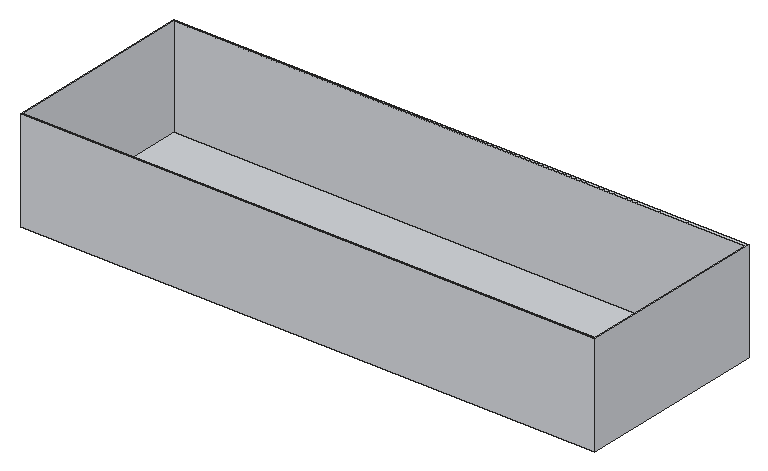
Revit family "Hager-Panelboards-Surface_mounted-IP2XC-Without_Cover-With_DIN-Hosted-GB-en", category Electrical Equipment, host Face, Revit 2023
Family settings
  Host = Face
  Panel Configuration = Two Columns, Circuits Across
  Round Connector Dimension = Use Diameter
  Part Type = Panelboard
  Cut with Voids When Loaded = No
  Maintain Annotation Orientation = Yes
  Shared = No
  Room Calculation Point = No
Parameters (values of type "Panelboards-Surface_mounted_W900_H300_D158_0_Modular_Spacing-JF805E")
  Width Control [instance] = if([HG000006-Flush mounted], if([EF000846 - Recess width] > min_whd, [EF000846 - Recess width], min_whd), if([EF000008 - Width] > min_whd, ([EF000008 - Width]), min_whd))  # 900 mm
  Void Depth [instance] = if([HG000006-Flush mounted], Depth Control, 1 mm)  # 1 mm
  Uniformat code = "D501001"
  Uniformat = "Low Tension Service & Dist."
  HG000131 - Functional label [instance] = ""
  HG000130 - Functional name [instance] = ""
  HG000099-Onfly Template ID = "507532"
  Type Comments = ""
  System Height [instance] = Height Control - 2 * [HG000005-Thickness]  # 446 mm
  Reference description = ""
  Reference = "Panelboards-Surface_mounted_W900_H300_D158_0_Modular_Spacing-JF805E"
  Object type = ""
  Name hager = "ADD_Enclosures_EC000214"
  Name BIM&CO = "Electricity"
  Name = "Panelboards-Surface_mounted-IP2XC-Without_Cover-With_DIN-GB"
  Model = ""
  HGEF002950-Width in number of modular spacings = 0
  HGEF000266-Number of rows = 0
  HG000060-RAL-number = "7035"
  HG000059-Operating voltage [instance] = 230 V
  HG000017-Distance between poles = 18 mm
  HG000016-Door 3D visibility = yes
  HG000015-Clearance visibility = yes
  HG000014-Door on the right = yes
  HG000013-Door on the left = not([HG000014-Door on the right])  # no
  HG000012-Door swing angle = 90.00°
  HG000011-Empty rows from bottom = no
  HG000010-Asymmetric doors = no
  HG000009-Double swing door = no
  HG000008-Number of empty rows = 0
  HG000007-Number of empty columns = 0
  HG000006-Flush mounted = no
  HG000005-Thickness = 2 mm
  HG000004-Manufacturer reference = "JF805E"
  HG000003-Range = "Panelboards"
  HG000002-With door or cover = no
  HG000001-Number of columns = 0
  GTIN (Global Trade Item Number) = ""
  ETIM class name = "Small distribution board"
  ETIM class code = "EC000214"
  EF015941 - Signal passing door = no
  EF015777 - Neutral terminal block = yes
  EF015776 - Earthing terminal block = yes
  EF009212 - Cover model = ""
  EF006306 - With lock = yes
  EF006244 - Transparent cover/door = no
  EF005474 - Degree of protection (IP rating) = "IP2XC"
  EF004464 - Type of door = ""
  EF004462 - Type of closure = ""
  EF002950 - Width in number of modular spacings = 0
  EF001596 - Housing material = ""
  EF001134 - With DIN-rail = yes
  EF001131 - Internal depth = 0 mm
  EF001088 - Extension possible = yes
  EF001062 - EMC-version = no
  EF000846 - Recess width = 0 mm
  EF000339 - Type of covering = ""
  EF000332 - Recess height = 0 mm
  EF000266 - Number of rows = 0
  EF000218 - Recess depth = 0 mm
  EF000118 - With mounting plate = no
  EF000116 - RAL number = 7035
  EF000049 - Depth = 158 mm
  EF000040 - Height = 300 mm
  EF000024 - UV resistant = no
  EF000008 - Width = 900 mm
  EF000007 - Colour = ""
  EF000003 - Mounting method = "Surface mounted"
  Creation Date = "12/17/2025 20:23:32"
  Code hager = "ADD-EC000214_EU"
  BIM&CO code = ""
  BC_VARIANT_ID = "1179122"
  BC_OBJECT_VERSION = "#1"  # constant formula
  BC_OBJECT_ID = "513918"  # constant formula
  BC_MODEL_ID = "1554433"  # constant formula
  Arrow Offset [instance] = Depth Control / 8  # 18.75 mm
  Arrow Height [instance] = Depth Control - Arrow Offset  # 131.25 mm
  Host Offset [instance] = if([HG000006-Flush mounted], 0 mm, [EF000049 - Depth])  # 158 mm
  min_whd [instance] = (2 * [HG000005-Thickness]) + 1 mm  # 5 mm
  Manufacturer = "Hager"  # constant formula
  Height Control [instance] = if([HG000006-Flush mounted], if([EF000332 - Recess height] > min_whd, [EF000332 - Recess height], min_whd), if([EF000040 - Height] > min_whd, ([EF000040 - Height]), min_whd))  # 300 mm
  Flush Mounted - Door Frame Width [instance] = if(([EF000040 - Height] - [EF000332 - Recess height]) > 0 mm, if([HG000006-Flush mounted], [EF000040 - Height] - [EF000332 - Recess height], 0 mm), 0 mm)  # 0 mm
  Depth Control [instance] = if([HG000006-Flush mounted], if([EF000218 - Recess depth] > 0 mm, [EF000218 - Recess depth], 1 mm), if([EF000049 - Depth] > 0 mm, ([EF000049 - Depth]), 1 mm))  # 158 mm
  Default Elevation = 0 mm
Types (2, lengths in mm): name | Reference | HG000004-Manufacturer reference | EF015777 - Neutral terminal block | EF006306 - With lock | EF001088 - Extension possible | EF000040 - Height | BC_VARIANT_ID | Height Control
  Panelboards-Surface_mounted_W900_H300_D158_0_Modular_Spacing-JF805E | "Panelboards-Surface_mounted_W900_H300_D158_0_Modular_Spacing-JF805E" | "JF805E" | yes | yes | yes | 300 | "1179122" | 300
  Panelboards-Surface_mounted_W900_H450_D158_0_Modular_Spacing-JF806E | "Panelboards-Surface_mounted_W900_H450_D158_0_Modular_Spacing-JF806E" | "JF806E" | no | no | no | 450 | "1179123" | 450
Reference planes
  plane 1 "Center (Front/Back)": y = 0
  plane 2: z = 0
  plane 3 "Center (Left/Right)": x = 0
  plane 4: z = 158
  plane 5: y = 2
  plane 6: z = 153
  plane 7: y = 150
  plane 8: y = 0
  plane 9: y = 300
  plane 10: z = 0
  plane 11: x = -450
  plane 12: x = 450
  plane 13: x = 448
  plane 14: x = -448
  plane 15: y = 298
  plane 16: z = 2
  plane 17: z = 156
  plane 18: z = -1
  plane 19: z = 156
  plane 20 "Annotation H": y = -100
  plane 21 "Annotation V": x = 750
Forms (mm)
  Extrusion 1, solid
    sketch origin (-583.045, 0, 1219.2) x (-1, 0, 0) y (0, 0, 1)
      loop
        line (-133.045, -1061.2) -> (-1033.045, -1061.2) -> (-1033.045, -1219.2) -> (-133.045, -1219.2) -> (-133.045, -1061.2)
    from 0 to 300 <- "Height Control"
  Extrusion 2, void
    sketch origin (-381.607, -4572, 158) x (0, -1, 0) y (-1, 0, 0)
      loop
        line (-4870, 66.393) -> (-4870, -829.607) -> (-4574, -829.607) -> (-4574, 66.393) -> (-4870, 66.393)
    from 0 to 156
  Extrusion 3, void
    sketch origin (0, 0, 0) x (1, 0, 0) y (0, 1, 0)
      loop
        line (-450, 0) -> (450, 0) -> (450, 300) -> (-450, 300) -> (-450, 0)
    from -1 to 1
  Extrusion 4, solid, detail levels coarse+medium
    sketch origin (-381.607, -4572, 158) x (-1, 0, 0) y (0, -1, 0)
      loop
        line (66.393, -4870) -> (66.393, -4574) -> (-829.607, -4574) -> (-829.607, -4870) -> (66.393, -4870)
    from 0 to -2
Cuts and joins
  Extrusion 2 cuts Extrusion 1
Dimensions and locks
  plane 4 to plane 6 = 5 mm
  "Host Offset": plane 4 to host face
  "Flush Mounted - Door Frame Width": plane 1 "Center (Front/Back)" to plane 8
  "HG000005-Thickness": plane 5 to plane 8
  locked: connector elem to plane 3 "Center (Left/Right)"
  "Height Control": plane 9 to plane 8
  equal spacing: plane 9, plane 7, plane 8
  locked: connector elem to plane 7
  "Depth Control": plane 4 to plane 10
  "HG000005-Thickness": plane 11 to plane 14
  "HG000005-Thickness": plane 12 to plane 13
  equal spacing: plane 11, plane 3 "Center (Left/Right)", plane 12
  "Width Control": plane 11 to plane 12
  "Arrow Offset": nested 4 to plane 10
  "HG000005-Thickness": plane 9 to plane 15
  "HG000005-Thickness": plane 16 to plane 10
  "HG000005-Thickness": plane 4 to plane 17
  "Void Depth": plane 2 to plane 18
  "HG000005-Thickness": plane 4 to plane 19
  locked: plane 20 "Annotation H" to plane 1 "Center (Front/Back)" at 100
  locked: plane 12 to plane 21 "Annotation V" at 300
  aligned and locked: plane 2 to host face
  aligned and locked: level to host face
  aligned and locked: plane 3 "Center (Left/Right)" to nested 2
  aligned and locked: nested 2 to plane 4
  aligned and locked: nested 2 to plane 8
  aligned and locked: nested 1 to plane 6
  aligned and locked: nested 1 to plane 5
  aligned and locked: nested 4 to plane 11
  aligned and locked: nested 3 to plane 4
  aligned and locked: Extrusion 1 sketch curve to plane 12
  aligned and locked: Extrusion 1 sketch curve to plane 11
  aligned and locked: nested 3 to plane 10
  aligned and locked: plane 10 to Extrusion 1 sketch curve
  aligned and locked: Extrusion 2 sketch curve to plane 5
  aligned and locked: Extrusion 2 sketch curve to plane 15
  aligned and locked: Extrusion 2 sketch curve to plane 14
  aligned and locked: Extrusion 2 sketch curve to plane 13
  aligned and locked: plane 11 to Extrusion 3 sketch curve
  aligned and locked: plane 9 to Extrusion 3 sketch curve
  aligned and locked: Extrusion 3 sketch curve to plane 8
  aligned and locked: plane 12 to Extrusion 3 sketch curve
  aligned and locked: nested 3 to plane 12
  aligned and locked: Extrusion 3 to plane 18
  aligned and locked: Extrusion 2 to plane 16
  aligned and locked: Extrusion 1 sketch curve to plane 4
  aligned and locked: Extrusion 4 to plane 17
  aligned and locked: Extrusion 4 sketch curve to plane 15
  aligned and locked: Extrusion 4 sketch curve to plane 13
  aligned and locked: Extrusion 4 sketch curve to plane 14
  aligned and locked: Extrusion 4 sketch curve to plane 5
  aligned and locked: nested 5 to plane 21 "Annotation V"
  aligned and locked: plane 20 "Annotation H" to nested 5
Automatic sketch dimensions
  host sketch curve to host sketch curve = 1469.727 mm
  host sketch curve to host sketch curve = 1434.803 mm
Nested families
  nested 1: "Hager_Enclosure_System" at (0, 2, 153) x (1, 0, 0) z (0, 1, 0), Depth <- "HG000005-Thickness", Height <- "System Height", Border <- "HG000005-Thickness", Flush_Mounted <- "HG000006-Flush mounted", Row_Module_Multiplicator <- "HGEF002950-Width in number of modular spacings", Total_No_Empty_Rows <- "HG000008-Number of empty rows", Total_No_Rows <- "HGEF000266-Number of rows", Empty_Columns <- "HG000007-Number of empty columns", Width_Control <- "Width Control", Empty_Rows_From_Bottom <- "HG000011-Empty rows from bottom", Distance_Between_Poles <- "HG000017-Distance between poles", Rows_Count <- "HGEF000266-Number of rows", Columns_Count <- "HG000001-Number of columns", Built-in_Width <- "EF000846 - Recess width", Width <- "EF000008 - Width", type "Hager_Enclosure_System", detail levels fine
    with Width_Control 900 mm, Width 900 mm, Total_No_Rows 0, Total_No_Empty_Rows 0, Total_No_Columns 1, System_Width 896 mm, Rows_Count 0, Rows_Column 0, Row_Module_Multiplicator 0, Panel_4 no, Panel_3 no, Panel_2 no, Panel_1 no, No_Panels_Ctrl 1, Hide_Columns yes, Height 446 mm, Flush_Mounted no, Empty_Rows_From_Bottom no, Empty_Rows_Column 0, Empty_Columns 0, Empty column 4 0, Empty column 3 0, Empty column 2 0, Empty column 1 0, Distance_Between_Poles 18 mm, Depth 2 mm, Columns_Count 0, Column_Width 896 mm, Built-in_Width 0 mm, Border 2 mm
  nested 2: "Hager_Enclosure_Door" at (0, 0, 158) x (1, 0, 0) z (0, 1, 0), Border <- "HG000005-Thickness", Door_Right <- "HG000014-Door on the right", Flush_Mounted <- "HG000006-Flush mounted", Door_Left <- "HG000013-Door on the left", 3d_Door <- "HG000016-Door 3D visibility", Angle <- "HG000012-Door swing angle", Assymetrical <- "HG000010-Asymmetric doors", Double <- "HG000009-Double swing door", Clearance <- "HG000015-Clearance visibility", Door <- "HG000002-With door or cover", Height_Ctrl <- "Height Control", Width_Ctrl <- "Width Control", BuiltIn_Depth <- "EF000218 - Recess depth", Depth <- "EF000049 - Depth", BuiltIn_Width <- "EF000846 - Recess width", Height <- "EF000040 - Height", BuiltIn_Height <- "EF000332 - Recess height", Width <- "EF000008 - Width", Transparent <- "EF006244 - Transparent cover/door", type "Hager_Enclosure_Door", detail levels medium+fine
    with min_wh 5 mm, Width_Ctrl 900 mm, Width 900 mm, Transparent_Door_No_Bottom_Border no, Transparent no, Leaf_Width 893 mm, Leaf_Tolerance 1.5 mm, Leaf_Height 293 mm, Leaf_2_Width 893 mm, Leaf_2_Offset 446.5 mm, Leaf_1_Width 893 mm, Leaf_1_Offset 446.5 mm, Height_Ctrl 300 mm, Height 300 mm, Frame_Width_Ctrl 900 mm, Frame_Width 900 mm, Frame_Internal_Offset 0 mm, Frame_Height_Ctrl 300 mm, Frame_Height 300 mm, Frame_Depth_Ctrl 1 mm, Frame_Depth 0 mm, Flush_Mounted no, Double_Clearance_Ctrl no, Double no, Door_Right_Ctrl no, Door_Right yes, Door_Left_Ctrl no, Door_Left no, Door no, Depth 158 mm, Clearance_Depth 893 mm, Clearance_Ctrl yes, Clearance yes, BuiltIn_Width 0 mm, BuiltIn_Height 0 mm, BuiltIn_Depth 0 mm, Border 2 mm, Assymetrical no, Angle 90.00°, 3d_Door yes
  nested 3: "Hager_Enclosure_Symbol_Triangle" at (-450, 0, 0) x (1, 0, 0) z (0, -1, 0), Depth <- "Depth Control", Width <- "Width Control", type "Hager_Enclosure_Symbol_Triangle"
    with Width_Ctrl 900 mm, Width 900 mm, Depth_Ctrl 158 mm, Depth 158 mm
  nested 4: "Hager_Enclosure_Symbol_Arrow" at (-450, 0, 18.75) x (1, 0, 0) z (0, -1, 0), Height <- "Arrow Height", type "Hager_Enclosure_Symbol_Arrow"
    with Width_Inside 9.844 mm, Width 118.125 mm, Height_Ctrl 131.25 mm, Height 131.25 mm
  nested 5: "Hager_Annotation-HG000130" at (750, -100, 0) x (-1, 0, 0) z (0, 0, 1), HG000130 - Functional name <- "HG000130 - Functional name", type "Hager_Annotation-HG000130"
    with HG000130 - Functional name ""
Connectors
  electrical at (0, 150, 0)
    settings: on plane 10, index 1, voltage 0 V, apparent load 0 VA, apparent load phase1 0 VA, apparent load phase2 0 VA, apparent load phase3 0 VA, power factor 1, load classification "Other", number of poles 1, system type 30, power factor state 1, is connector primary yes, connector utility no, sub classification motor no, connector description ""
Definition of nested family "Hager_Enclosure_Door"
  Parameters (values of type "Hager_Enclosure_Door")
    min_wh [instance] = (2 * Border) + 1 mm  # 11 mm
    Width_Ctrl [instance] = 400 mm
    Width [instance] = 500 mm
    Transparent_Door_No_Bottom_Border [instance] = no
    Transparent [instance] = yes
    Leaf_Width [instance] = if((Width_Ctrl - 2 * Border - 2 * Leaf_Tolerance) > 0 mm, (Width_Ctrl - 2 * Border - 2 * Leaf_Tolerance), min_wh)  # 387 mm
    Leaf_Tolerance [instance] = 1.5 mm  # constant formula
    Leaf_Height [instance] = if((Height_Ctrl - 2 * Border - 2 * Leaf_Tolerance) > 0 mm, (Height_Ctrl - 2 * Border - 2 * Leaf_Tolerance), min_wh)  # 387 mm
    Leaf_2_Width [instance] = if(and(and(Double, Assymetrical), Door_Left), (Leaf_Width / 3) - (Leaf_Tolerance / 2), if(and(and(Double, Assymetrical), Door_Right), (Leaf_Width / 3) * 2 - (Leaf_Tolerance / 2), if(and(Double, not(Assymetrical)), (Leaf_Width / 2) - Leaf_Tolerance, Leaf_Width)))  # 387 mm
    Leaf_2_Offset [instance] = if(and(Double, Assymetrical), Leaf_2_Width / 2, if(and(Double, not(Assymetrical)), Leaf_Width / 4, Leaf_Width / 2))  # 193.5 mm
    Leaf_1_Width [instance] = if(and(and(Double, Assymetrical), Door_Right), (Leaf_Width / 3) - (Leaf_Tolerance / 2), if(and(and(Double, Assymetrical), Door_Left), (Width / 3) * 2 - (Leaf_Tolerance / 2), if(and(Double, not(Assymetrical)), (Leaf_Width / 2) - Leaf_Tolerance, Leaf_Width)))  # 387 mm
    Leaf_1_Offset [instance] = if(and(Double, Assymetrical), Leaf_1_Width / 2, if(and(Double, not(Assymetrical)), Leaf_Width / 4, Leaf_Width / 2))  # 193.5 mm
    Height_Ctrl [instance] = 400 mm
    Height [instance] = 500 mm
    Frame_Width_Ctrl [instance] = if(Frame_Width > 0 mm, Frame_Width, 1 mm)  # 1 mm
    Frame_Width [instance] = Width - BuiltIn_Width  # 0 mm
    Frame_Internal_Offset [instance] = if(Flush_Mounted, Border, 0 mm)  # 5 mm
    Frame_Height_Ctrl [instance] = if(Frame_Height > 0 mm, Frame_Height, 1 mm)  # 1 mm
    Frame_Height [instance] = Height - BuiltIn_Height  # 0 mm
    Frame_Depth_Ctrl [instance] = if(Frame_Depth > 0 mm, Frame_Depth, 1 mm)  # 1 mm
    Frame_Depth [instance] = if(Depth - BuiltIn_Depth > 0 mm, if(Flush_Mounted, Depth - BuiltIn_Depth, 0 mm), 0 mm)  # 0 mm
    Flush_Mounted [instance] = yes
    Double_Clearance_Ctrl [instance] = and(Double, Clearance)  # no
    Double [instance] = no
    Door_Right_Ctrl [instance] = and(or(Door_Right, Double), Door)  # yes
    Door_Right [instance] = yes
    Door_Left_Ctrl [instance] = and(or(Door_Left, Double), Door)  # no
    Door_Left [instance] = no
    Door [instance] = yes
    Depth [instance] = 500 mm
    Default Elevation = 1219.2 mm
    Clearance_Material = none
    Clearance_Depth [instance] = if(Leaf_1_Width > Leaf_2_Width, Leaf_1_Width, Leaf_2_Width)  # 387 mm
    Clearance_Ctrl [instance] = and(not(Double), Clearance)  # yes
    Clearance [instance] = yes
    BuiltIn_Width [instance] = 500 mm
    BuiltIn_Height [instance] = 500 mm
    BuiltIn_Depth [instance] = 500 mm
    Border [instance] = 5 mm
    Assymetrical [instance] = yes
    Angle [instance] = 30.00°
    3d_Door [instance] = yes
  Reference planes
    plane 1 "Center (Front/Back)": y = 0
    plane 2 "Bottom": z = 0
    plane 3 "Center (Left/Right)": x = 0
    plane 4: z = 400
    plane 5: x = -200
    plane 6: x = 200
    plane 7: z = 395
    plane 8: x = -195
    plane 9: z = 5
    plane 10: x = 195
    plane 11: y = 0
    plane 12: z = 6.5
    plane 13: x = -582
    plane 14: y = -387
    plane 15: x = 582
    plane 16: x = 0
    plane 17: x = 0
    plane 18: x = -193.5
    plane 19: x = 193.5
    plane 20: z = 393.5
  Forms (mm)
    Extrusion 1, solid, visible <- "Flush_Mounted"
      sketch origin (0, 0, 0) x (1, 0, 0) y (0, 0, 1)
        loop
          line (195, 5) -> (195, 395) -> (-195, 395) -> (-195, 5) -> (195, 5)
        loop
          line (-201, 401) -> (-201, -1) -> (201, -1) -> (201, 401) -> (-201, 401)
      from 0 to 1 <- "Frame_Depth_Ctrl"
    Extrusion 2, solid, material <- "Clearance_Material", visible <- "Double_Clearance_Ctrl"
      sketch origin (1200, 0, 0) x (1, 0, 0) y (0, 0, -1)
        loop
          line (-1782, -393.5) -> (-618, -393.5) -> (-618, 0) -> (-1782, 0) -> (-1782, -393.5)
      from 0 to -387
  Dimensions and locks
    equal spacing: plane 5, plane 3 "Center (Left/Right)", plane 6
    "Width_Ctrl": plane 5 to plane 6
    "Border": plane 5 to plane 8
    "Border": plane 6 to plane 10
    "Border": plane 9 to level
    "Border": plane 4 to plane 7
    "Height_Ctrl": plane 4 to level
    "Leaf_Tolerance": plane 12 to plane 9
    "Frame_Depth": plane 11 to plane 1 "Center (Front/Back)"
    "Frame_Width_Ctrl": plane 5 to Extrusion 1 sketch curve
    "Frame_Width_Ctrl": plane 6 to Extrusion 1 sketch curve
    "Frame_Width_Ctrl": Extrusion 1 sketch curve to plane 4
    "Frame_Width_Ctrl": plane 2 "Bottom" to Extrusion 1 sketch curve
    "Leaf_1_Offset": plane 18 to plane 16
    "Leaf_2_Offset": plane 17 to plane 19
    "Leaf_1_Width": plane 13 to plane 8
    "Leaf_2_Width": plane 10 to plane 15
    "Clearance_Depth": plane 14 to plane 1 "Center (Front/Back)"
    "Leaf_Tolerance": plane 8 to plane 18
    "Leaf_Tolerance": plane 19 to plane 10
    "Leaf_Tolerance": plane 7 to plane 20
    "Frame_Internal_Offset": plane 5 to Extrusion 1 sketch curve
    "Frame_Internal_Offset": Extrusion 1 sketch curve to plane 2 "Bottom"
    "Frame_Internal_Offset": plane 6 to Extrusion 1 sketch curve
    "Frame_Internal_Offset": plane 4 to Extrusion 1 sketch curve
    aligned and locked: level to plane 2 "Bottom"
    aligned and locked: nested 1 to plane 16
    aligned and locked: nested 2 to plane 17
    aligned and locked: Extrusion 2 to plane 13
    aligned and locked: plane 15 to Extrusion 2
    aligned and locked: Extrusion 2 to plane 14
    aligned and locked: plane 12 to nested 1
    aligned and locked: nested 2 to plane 12
    aligned and locked: Extrusion 2 to plane 11
    aligned and locked: plane 20 to Extrusion 2
    aligned and locked: nested 2 to plane 11
    aligned and locked: nested 1 to plane 11
  Automatic sketch dimensions
    Extrusion 2 sketch curve to level = 0 mm
    plane 5 to Extrusion 2 sketch curve = 382 mm
    plane 6 to Extrusion 2 sketch curve = 382 mm
    Extrusion 2 sketch curve to plane 4 = 6.5 mm
  Nested families
    nested 1: "Hager_Enclosure_Door_Leaf" at (0, 0, 6.5), Width <- "Leaf_1_Width", visible <- "Door_Left_Ctrl", Leaf_Height <- "Leaf_Height", Angle <- "Angle", Depth <- "Border", 3d_Door <- "3d_Door", Transparent <- "Transparent", Clearance Material <- "Clearance_Material", Clearance <- "Clearance_Ctrl", Transparent_Door_No_Bottom_Border <- "Transparent_Door_No_Bottom_Border", type "Hager_Enclosure_Door_Leaf"
      with Width 387 mm, Transparent_Door_No_Bottom_Border no, Transparent_Door_Border_Bottom_Top 25 mm, Transparent_Door_Border 25 mm, Transparent_Ctrl yes, Transparent yes, Standard no, Leaf_Height 387 mm, Glass_Offset 1 mm, Depth 5 mm, Clearance Material none, Clearance yes, Angle_Ctrl 30.00°, Angle 30.00°, 3d_Door yes
    nested 2: "Hager_Enclosure_Door_Leaf" at (0, 0, 6.5) x (-1, 0, 0) z (0, 0, 1), Width <- "Leaf_2_Width", visible <- "Door_Right_Ctrl", Leaf_Height <- "Leaf_Height", Angle <- "Angle", Depth <- "Border", 3d_Door <- "3d_Door", Transparent <- "Transparent", Clearance Material <- "Clearance_Material", Clearance <- "Clearance_Ctrl", Transparent_Door_No_Bottom_Border <- "Transparent_Door_No_Bottom_Border", type "Hager_Enclosure_Door_Leaf"
      with Width 387 mm, Transparent_Door_No_Bottom_Border no, Transparent_Door_Border_Bottom_Top 25 mm, Transparent_Door_Border 25 mm, Transparent_Ctrl yes, Transparent yes, Standard no, Leaf_Height 387 mm, Glass_Offset 1 mm, Depth 5 mm, Clearance Material none, Clearance yes, Angle_Ctrl 30.00°, Angle 30.00°, 3d_Door yes
  Definition of nested family "Hager_Enclosure_Door_Leaf"
    Parameters (values of type "Hager_Enclosure_Door_Leaf")
      Width [instance] = 2000 mm
      Transparent_Door_No_Bottom_Border [instance] = yes
      Transparent_Door_Border_Bottom_Top [instance] = if(Transparent_Door_No_Bottom_Border, 0.1 mm, Transparent_Door_Border)  # 0.1 mm
      Transparent_Door_Border [instance] = if(Transparent_Door_No_Bottom_Border, (Width * 0.12), 25 mm)  # 240 mm
      Transparent_Ctrl [instance] = and(Transparent, [3d_Door])  # yes
      Transparent [instance] = yes
      Standard [instance] = and(not(Transparent), [3d_Door])  # no
      Leaf_Height [instance] = 2720.336 mm
      Glass_Offset [instance] = if((Depth - 10 mm) / 2 > 0 mm, (Depth - 10 mm) / 2, 1 mm)  # 15 mm
      Glass_Material = none
      Depth [instance] = 40 mm
      Default Elevation = 0 mm
      Clearance Material [instance] = none
      Clearance [instance] = yes
      Angle_Ctrl [instance] = if(Angle > 170.00°, 170.00°, Angle)  # 45.00°
      Angle [instance] = 45.00°
      3d_Door [instance] = yes
    Reference planes
      plane 1 "Center (Front/Back)": y = 0
      plane 2: z = 0
      plane 3 "Center (Left/Right)": x = 0
      plane 4: y = 2000
      plane 5: x = -1000
      plane 6: x = 1000
      plane 7: x = -3000
      plane 8: z = 2720.336
      plane 9: z = 0.1
      plane 10: z = 2720.236
      plane 11: x = 760
      plane 12: x = -760
    Forms (mm)
      Extrusion 1, solid, material <- "Clearance Material", visible <- "Clearance"
        sketch origin (0, 0, 0) x (1, 0, 0) y (0, 0, 1)
          loop
            line (-3000, 2720.336) -> (-3000, 0) -> (1000, 0) -> (1000, 2720.336) -> (-3000, 2720.336)
        from 0 to -2000
      Extrusion 2, solid, visible <- "Standard", detail levels medium+fine
        sketch origin (-1000, 0, 0) x (0.707107, 0.707107, 0) y (-0.707107, 0.707107, 0)
          loop
            line (0, -40) -> (2000, -40) -> (2000, 0) -> (0, 0) -> (0, -40)
        from 0 to 2720.336 <- "Leaf_Height"
      Extrusion 3, solid, visible <- "Transparent_Ctrl", detail levels medium+fine
        sketch origin (-1000, 0, 0) x (0.707107, 0.707107, 0) y (-0.707107, 0.707107, 0)
          loop
            line (0, -40) -> (2000, -40) -> (2000, 0) -> (0, 0) -> (0, -40)
        from 0 to 2720.336 <- "Leaf_Height"
      Extrusion 4, void, detail levels medium+fine
        sketch origin (-1000, 0, 0) x (-0.707107, 0.707107, 0) y (0.707107, 0.707107, 0)
          loop
            line (0, 240) -> (0, 1760) -> (-40, 1760) -> (-40, 240) -> (0, 240)
        from -2720.236 to -0.1
      Extrusion 5, solid, material <- "Glass_Material", visible <- "Transparent_Ctrl", detail levels medium+fine
        sketch origin (-1000, 0, 0) x (0.707107, 0.707107, 0) y (-0.707107, 0.707107, 0)
          loop
            line (240, -15) -> (240, -25) -> (1760, -25) -> (1760, -15) -> (240, -15)
        from 0.1 to 2720.236
    Cuts and joins
      Extrusion 4 cuts Extrusion 3
    Lines and regions (mm)
      symbolic lines
        curve 1: line (1000, 0, 0) -> (-3000, 0, 0)
        curve 2: arc (1000, 0, 0) -> (-1000, 2000, 0) -> (-3000, 0, 0) r 2000
        curve 4: line (-1000, 0, 0) -> (414.214, 1414.214, 0)
      reference lines
        curve 3: line (-1000, 0, 0) -> (414.214, 1414.214, 0)
      symbolic lines, detail levels medium+fine
        curve 5: line (414.214, 1414.214, 0) -> (442.498, 1385.929, 0)
        curve 6: line (442.498, 1385.929, 0) -> (-971.716, -28.284, 0)
        curve 7: line (-971.716, -28.284, 0) -> (-1000, 0, 0)
        curve 8: line (-1000, 0, 2720.336) -> (1000, 0, 2720.336)
        curve 9: line (-1000, 0, 0) -> (-1000, 0, 2720.336)
        curve 10: line (1000, 0, 0) -> (-1000, 0, 0)
        curve 11: line (1000, 0, 2720.336) -> (1000, 0, 0)
      symbolic lines, visible <- "Transparent_Ctrl", detail levels medium+fine
        curve 12: line (-760, 0, 2720.236) -> (760, 0, 2720.236)
        curve 13: line (-760, 0, 0.1) -> (-760, 0, 2720.236)
        curve 14: line (760, 0, 0.1) -> (-760, 0, 0.1)
        curve 15: line (760, 0, 2720.236) -> (760, 0, 0.1)
    Dimensions and locks
      "Width": plane 1 "Center (Front/Back)" to plane 4
      equal spacing: plane 5, plane 3 "Center (Left/Right)", plane 6
      "Width": plane 5 to plane 6
      "Width": plane 7 to plane 5
      "Leaf_Height": plane 8 to level
      "Depth": curve 6 to curve 3
      "Width": curve 5 to curve 3
      "Width": curve 3 to curve 3
      "Transparent_Door_Border": Extrusion 4 sketch curve to curve 7
      "Transparent_Door_Border": Extrusion 4 sketch curve to curve 5
      "Transparent_Door_Border_Bottom_Top": plane 8 to plane 10
      "Transparent_Door_Border_Bottom_Top": plane 9 to level
      "Glass_Offset": Extrusion 5 sketch curve to curve 4
      "Glass_Offset": Extrusion 5 sketch curve to curve 6
      "Transparent_Door_Border": Extrusion 5 sketch curve to curve 5
      "Transparent_Door_Border": Extrusion 5 sketch curve to curve 7
      "Transparent_Door_Border": plane 12 to plane 5
      "Transparent_Door_Border": plane 6 to plane 11
      "Angle_Ctrl": angle plane 1 "Center (Front/Back)" to curve 3
      aligned and locked: level to plane 2
      aligned and locked: Extrusion 1 to curve 1
      aligned and locked: plane 6 to Extrusion 1
      aligned and locked: Extrusion 1 to plane 1 "Center (Front/Back)"
      aligned and locked: plane 4 to Extrusion 1
      aligned and locked: plane 8 to Extrusion 1
      aligned and locked: curve 4 to curve 3
      aligned and locked: Extrusion 2 sketch curve to curve 7
      aligned and locked: Extrusion 2 sketch curve to curve 6
      aligned and locked: Extrusion 2 sketch curve to curve 5
      aligned and locked: Extrusion 2 sketch curve to curve 3
      aligned and locked: curve 7 to Extrusion 3 sketch curve
      aligned and locked: Extrusion 3 sketch curve to curve 4
      aligned and locked: Extrusion 3 sketch curve to curve 6
      aligned and locked: Extrusion 3 sketch curve to curve 5
      aligned and locked: curve 4 to Extrusion 4 sketch curve
      aligned and locked: curve 6 to Extrusion 4 sketch curve
      aligned and locked: Extrusion 4 to plane 9
      aligned and locked: Extrusion 4 to plane 10
      aligned and locked: Extrusion 5 to plane 9
      aligned and locked: Extrusion 5 to plane 10
      aligned and locked: curve 8 to plane 8
      aligned and locked: plane 5 to curve 9
      aligned and locked: plane 2 to curve 10
      aligned and locked: curve 11 to plane 6
      aligned and locked: plane 10 to curve 12
      aligned and locked: plane 12 to curve 13
      aligned and locked: curve 14 to plane 9
      aligned and locked: plane 11 to curve 15
    Automatic sketch dimensions
      plane 1 "Center (Front/Back)" to curve 2 = 0 mm
      curve 2 to plane 5 = 0 mm
      Extrusion 1 sketch curve to level = 0 mm
      Extrusion 1 sketch curve to plane 7 = 0 mm
      Extrusion 1 sketch curve to plane 6 = 0 mm
      Extrusion 1 sketch curve to plane 8 = 0 mm
      plane 1 "Center (Front/Back)" to curve 3 = 0 mm
      curve 3 to plane 5 = 0 mm
      curve 7 to curve 3 = 0 mm
Definition of nested family "Hager_Enclosure_Symbol_Triangle"
  Parameters (values of type "Hager_Enclosure_Symbol_Triangle")
    Width_Ctrl [instance] = if(Width > 1 mm, Width, 1 mm)  # 498 mm
    Width [instance] = 498 mm
    Depth_Ctrl [instance] = if(Depth > 1 mm, Depth, 1 mm)  # 72 mm
    Depth [instance] = 72 mm
  Reference planes
    plane 1 "Centre (avant/arrière)": y = 0
    plane 2: z = 0
    plane 3 "Centre (gauche/droite)": x = 0
  Lines and regions (mm)
    Filled region 1, type "Solid_Black", in view "Niveau de réf."
      outline origin (0, 0, 0) x (1, 0, 0) y (0, 1, 0)
        loop
          line (0, 0) -> (498, 0) -> (498, 72) -> (0, 0)
    reference lines, in view "Niveau de réf."
      curve 1: line (-206.153, 72, 0) -> (1083.258, 72, 0)
      curve 2: line (498, 405.456, 0) -> (498, -517.619, 0)
  Dimensions and locks
    "Depth_Ctrl": plane 1 "Centre (avant/arrière)" to curve 1
    "Width_Ctrl": plane 3 "Centre (gauche/droite)" to curve 2
    aligned and locked: curve 1 to Filled region 1 sketch curve
    aligned and locked: Filled region 1 sketch curve to plane 1 "Centre (avant/arrière)"
    aligned and locked: curve 2 to Filled region 1 sketch curve
    aligned and locked: plane 3 "Centre (gauche/droite)" to Filled region 1 sketch curve
    aligned and locked: plane 1 "Centre (avant/arrière)" to Filled region 1 sketch curve
  Automatic sketch dimensions
    curve 1 to plane 3 "Centre (gauche/droite)" = 206.153 mm
    curve 2 to curve 1 = 585.258 mm
    plane 1 "Centre (avant/arrière)" to curve 2 = 517.619 mm
    curve 2 to plane 1 "Centre (avant/arrière)" = 405.456 mm
Definition of nested family "Hager_Enclosure_Symbol_Arrow"
  Parameters (values of type "Hager_Enclosure_Symbol_Arrow")
    Width_Inside [instance] = if(Width / 12 > 2 mm, Width / 12, 2 mm)  # 4.987 mm
    Width [instance] = if(Height_Ctrl * 0.9 > 2 mm, Height_Ctrl * 0.9, 2 mm)  # 59.85 mm
    Height_Ctrl [instance] = if(Height > 2 mm, Height, 2 mm)  # 66.5 mm
    Height [instance] = 66.5 mm
  Reference planes
    plane 1 "Centre (avant/arrière)": y = 0
    plane 2: z = 0
    plane 3 "Centre (gauche/droite)": x = 0
    plane 4: x = 59.85
    plane 5: y = 28.263
    plane 6: y = 38.238
    plane 7: y = 66.5
    plane 8: x = 29.925
    plane 9: y = 33.25
  Lines and regions (mm)
    Filled region 1, type "Solid_Black", in view "Niveau de réf."
      outline origin (0, 0, 0) x (1, 0, 0) y (0, 1, 0)
        loop
          line (59.85, 66.5) -> (37.929, 52.827) -> (51.846, 41.935) -> (59.85, 66.5)
    detail lines, in view "Niveau de réf."
      curve 1: line (0, 0, 0) -> (29.925, 38.238, 0)
      curve 2: line (29.925, 38.238, 0) -> (29.925, 28.263, 0)
      curve 3: line (29.925, 28.263, 0) -> (59.85, 66.5, 0)
  Dimensions and locks
    "Width": plane 3 "Centre (gauche/droite)" to plane 4
    "Height_Ctrl": plane 7 to plane 1 "Centre (avant/arrière)"
    equal spacing: plane 3 "Centre (gauche/droite)", plane 8, plane 4
    equal spacing: plane 7, plane 9, plane 1 "Centre (avant/arrière)"
    equal spacing: plane 6, plane 9, plane 5
    "Width_Inside": plane 6 to plane 9
    equal spacing: curve 3, Filled region 1 sketch curve, Filled region 1 sketch curve
    angle Filled region 1 sketch curve to curve 3 = 20.00°
    angle curve 3 to Filled region 1 sketch curve = 20.00°
    locked: curve 3 to Filled region 1 sketch curve (angle 90.00°)
  Automatic sketch dimensions
    plane 1 "Centre (avant/arrière)" to curve 1 = 0 mm
    curve 1 to plane 3 "Centre (gauche/droite)" = 0 mm
    curve 2 to plane 6 = 0 mm
    curve 3 to plane 8 = 0 mm
    curve 3 to plane 4 = 0 mm
    curve 2 to plane 5 = 0 mm
    curve 3 to plane 7 = 0 mm
    Filled region 1 sketch curve to plane 4 = 0 mm
    Filled region 1 sketch curve to plane 7 = 0 mm
Definition of nested family "Hager_Annotation-HG000130"
  Parameters (values of type "Hager_Annotation-HG000130")
    HG000130 - Functional name [instance] = ""
  Reference planes
    plane 1: y = 0
    plane 2: x = 0
  Lines and regions (mm)
    detail lines
      curve 1: line (-27.5, 10, 0) -> (27.5, 10, 0)
      curve 2: line (-27.5, -10, 0) -> (-27.5, 10, 0)
      curve 3: line (27.5, -10, 0) -> (-27.5, -10, 0)
      curve 4: line (27.5, 10, 0) -> (27.5, -10, 0)
  Text (mm)
    label "HG000130 - Functional name" at (0.16, 0.026, 0), shows "HG000130 - Functional name"
